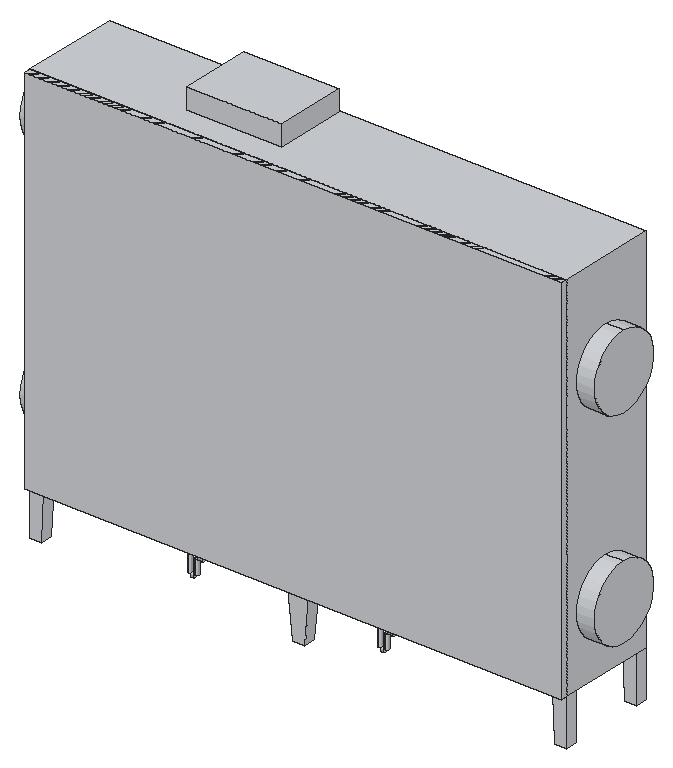
Revit family "AHU 4 _4", category Mechanické zařízení, Revit 2018
Family settings
  Kóta kulaté spojky = Použít průměr
  Typ dílu = Normální
  Číslo OmniClass = 23.75.00.00
  Nadpis OmniClass = Climate Control (HVAC)
  Založené na pracovní rovině = Ne
  Vždy vertikální = Ano
  Ořezat dutým tvarem při načtení = Ne
  Sdílené = Ne
  Bod výpočtu místnosti = Ne
Parameters (values of type "DUPLEXVENT 1500 Multi Eco")
  Width [instance] = 0.455 mm
  Weight [instance] = 268.00 kg
  URL = ""
  Type [instance] = "DUPLEXVENT 1500 Multi Eco"
  Total_SFP [instance] = 0
  Supply_outlet_hum [instance] = 90
  Supply_inlet_hum [instance] = 90
  Supply_ext_pressure [instance] = 0.0 Pa
  Supply_SFP [instance] = 0
  Source_adu_file [instance] = ""
  Recuperation_type [instance] = "Plate heat recovery exchanger"
  Recuperation_efficiency_EN308 [instance] = 0
  Project_name [instance] = ""
  Project_date [instance] = "10.8.2023"
  Power_supply_fusing [instance] = "0"
  Power_supply_cable [instance] = "0"
  Position [instance] = "AHU 4 "
  Phases_count [instance] = 1
  Panel_thickness [instance] = 0.06 mm
  Outer_surface [instance] = "RAL 9002"
  Length [instance] = 2.3 mm
  Insulation_type [instance] = "PUR"
  Insulation_thickness [instance] = 0.05 mm
  Installation_environment [instance] = ""
  Input_power_max [instance] = 1560 W
  Inner_surface [instance] = "Pozink"
  I2 [instance] = I1  # 0.0 L/s
  Height [instance] = 1.6 mm
  Exhaust_outlet_hum [instance] = 40
  Exhaust_inlet_hum [instance] = 40
  Exhaust_ext_pressure [instance] = 0.0 Pa
  Exhaust_SFP [instance] = 0
  E1 [instance] = E2 - M1  # 0.0 L/s
  E2 [instance] = 0.0 L/s
  I1 [instance] = 0.0 L/s
  Description = ""
  M1 [instance] = 0.0 L/s
  Device_dutypoint_version [instance] = "0"
  Device_design_version [instance] = "9"
  Device_adu_id [instance] = "4"
  Current_max [instance] = 7.8 A
  Casing_mat [instance] = "painted zinc layer"
  Cable type [instance] = "CYKY 3Jx2,5"
Reference planes
  plane 1 "Střed (vpředu/vzadu)": y = 0
  plane 2 "ref": z = 0
  plane 3 "Střed (vlevo/vpravo)": x = 0
Forms (mm)
  Sweep 1, solid
    path origin (0, 0, 0) x (0, 0, 1) y (1, 0, 0)
      loop
        line (0, 0) -> (1600, 0)
    profile origin (0, 0, 0) x (1, 0, 0) y (0, 1, 0)
      loop
        line (0, 0) -> (2300, 0) -> (2300, 425) -> (0, 425) -> (0, 0)
  Sweep 2, solid
    path origin (0, 0, 0) x (0, 0, 1) y (1, 0, 0)
      loop
        line (0, 0) -> (1600, 0)
    profile origin (0, 0, 0) x (1, 0, 0) y (0, 1, 0)
      loop
        line (0, 0) -> (0, -30) -> (2300, -30) -> (2300, 0) -> (0, 0)
  Sweep 3, solid
    path origin (0, 205, 300) x (0, 0, -1) y (1, 0, 0)
      loop
        line (0, 0) -> (0, -80)
    profile origin (0, 205, 300) x (0, 0, -1) y (0, -1, 0)
      loop
        circle (0, 0) r 158
  Sweep 4, solid
    path origin (2300, 205, 1185) x (0, 0, -1) y (1, 0, 0)
      loop
        line (0, 0) -> (0, 80)
    profile origin (2300, 205, 1185) x (0, 0, 1) y (0, -1, 0)
      loop
        circle (0, 0) r 158
  Sweep 5, solid
    path origin (2300, 205, 300) x (0, 0, -1) y (1, 0, 0)
      loop
        line (0, 0) -> (0, 80)
    profile origin (2300, 205, 300) x (0, 0, 1) y (0, -1, 0)
      loop
        circle (0, 0) r 158
  Sweep 6, solid
    path origin (0, 205, 1370) x (0, 0, -1) y (1, 0, 0)
      loop
        line (0, 0) -> (0, -80)
    profile origin (0, 205, 1370) x (0, 0, -1) y (0, -1, 0)
      loop
        circle (0, 0) r 158
  Sweep 7, solid
    path origin (1440, 75, 0) x (0, -1, 0) y (0, 0, 1)
      loop
        line (0, 0) -> (0, -142)
    profile origin (1440, 75, 0) x (-1, 0, 0) y (0, -1, 0)
      loop
        circle (0, 0) r 8
  Sweep 8, solid
    path origin (1448, 75, -150) x (0, 0, -1) y (1, 0, 0)
      loop
        line (0, 0) -> (0, 14)
    profile origin (1448, 75, -150) x (0, 0, 1) y (0, -1, 0)
      loop
        circle (0, 0) r 8
  Sweep 9, solid
    path origin (1470, 75, -142) x (0, -1, 0) y (0, 0, 1)
      loop
        line (0, 0) -> (0, 59)
    profile origin (1470, 75, -142) x (0, 1, 0) y (-1, 0, 0)
      loop
        circle (0, 0) r 8
  Sweep 10, solid
    path origin (1478, 75, -75) x (0, 0, -1) y (1, 0, 0)
      loop
        line (0, 0) -> (0, 22)
    profile origin (1478, 75, -75) x (0, 0, 1) y (0, -1, 0)
      loop
        circle (0, 0) r 8
  Sweep 11, solid
    path origin (625, 75, 0) x (0, -1, 0) y (0, 0, 1)
      loop
        line (0, 0) -> (0, -142)
    profile origin (625, 75, 0) x (-1, 0, 0) y (0, -1, 0)
      loop
        circle (0, 0) r 8
  Sweep 12, solid
    path origin (633, 75, -150) x (0, 0, -1) y (1, 0, 0)
      loop
        line (0, 0) -> (0, 14)
    profile origin (633, 75, -150) x (0, 0, 1) y (0, -1, 0)
      loop
        circle (0, 0) r 8
  Sweep 13, solid
    path origin (655, 75, -142) x (0, -1, 0) y (0, 0, 1)
      loop
        line (0, 0) -> (0, 59)
    profile origin (655, 75, -142) x (0, 1, 0) y (-1, 0, 0)
      loop
        circle (0, 0) r 8
  Sweep 14, solid
    path origin (663, 75, -75) x (0, 0, -1) y (1, 0, 0)
      loop
        line (0, 0) -> (0, 22)
    profile origin (663, 75, -75) x (0, 0, 1) y (0, -1, 0)
      loop
        circle (0, 0) r 8
  Sweep 15, solid
    path origin (0, 0, 0) x (0, 0, 1) y (1, 0, 0)
      loop
        line (0, 0) -> (1600, 0)
    profile origin (0, 0, 0) x (1, 0, 0) y (0, 1, 0)
      loop
        line (0, -30) -> (2300, -30) -> (2300, -5) -> (0, -5) -> (0, -30)
  Sweep 16, solid
    path origin (25, 50, 0) x (1, 0, 0) y (0, 1, 0)
      loop
        line (0, 0) -> (0, -50)
    profile origin (25, 50, 0) x (1, 0, 0) y (0, 0, 1)
      loop
        line (-25, 0) -> (-25, -200) -> (25, -200) -> (35, 0) -> (-25, 0)
  Sweep 17, solid
    path origin (2275, 50, 0) x (1, 0, 0) y (0, 1, 0)
      loop
        line (0, 0) -> (0, -50)
    profile origin (2275, 50, 0) x (1, 0, 0) y (0, 0, 1)
      loop
        line (-35, 0) -> (-25, -200) -> (25, -200) -> (25, 0) -> (-35, 0)
  Sweep 18, solid
    path origin (25, 425, 0) x (1, 0, 0) y (0, 1, 0)
      loop
        line (0, 0) -> (0, -50)
    profile origin (25, 425, 0) x (1, 0, 0) y (0, 0, 1)
      loop
        line (-25, 0) -> (-25, -200) -> (25, -200) -> (35, 0) -> (-25, 0)
  Sweep 19, solid
    path origin (2275, 425, 0) x (1, 0, 0) y (0, 1, 0)
      loop
        line (0, 0) -> (0, -50)
    profile origin (2275, 425, 0) x (1, 0, 0) y (0, 0, 1)
      loop
        line (-35, 0) -> (-25, -200) -> (25, -200) -> (25, 0) -> (-35, 0)
  Sweep 20, solid
    path origin (1150, 50, 0) x (1, 0, 0) y (0, 1, 0)
      loop
        line (0, 0) -> (0, -50)
    profile origin (1150, 50, 0) x (1, 0, 0) y (0, 0, 1)
      loop
        line (-45, 0) -> (-25, -200) -> (25, -200) -> (45, 0) -> (-45, 0)
  Sweep 21, solid
    path origin (1150, 425, 0) x (1, 0, 0) y (0, 1, 0)
      loop
        line (0, 0) -> (0, -50)
    profile origin (1150, 425, 0) x (1, 0, 0) y (0, 0, 1)
      loop
        line (-45, 0) -> (-25, -200) -> (25, -200) -> (45, 0) -> (-45, 0)
  Sweep 22, solid
    path origin (0, 0, 1600) x (0, 0, 1) y (1, 0, 0)
      loop
        line (0, 0) -> (90, 0)
    profile origin (0, 0, 1600) x (1, 0, 0) y (0, 1, 0)
      loop
        line (585, 110) -> (990, 110) -> (990, 415) -> (585, 415) -> (585, 110)
  Sweep 23, solid
    path origin (585, 263, 1645) x (0, 0, -1) y (1, 0, 0)
      loop
        line (0, 0) -> (0, -1)
    profile origin (585, 263, 1645) x (0, 0, -1) y (0, -1, 0)
      loop
        circle (0, 0) r 10
Lines and regions (mm)
  model lines, style "Symbol"
    curve 1: line (943, -30, 0) -> (943, -30, 320)
    curve 2: line (943, -30, 1600) -> (943, -30, 1280)
    curve 3: line (0, -30, 800) -> (463, -30, 800)
    curve 4: line (2300, -30, 800) -> (1423, -30, 800)
    curve 5: line (463, -30, 800) -> (703, -30, 1280)
    curve 6: line (703, -30, 1280) -> (1183, -30, 1280)
    curve 7: line (1183, -30, 1280) -> (1423, -30, 800)
    curve 8: line (1423, -30, 800) -> (1183, -30, 320)
    curve 9: line (1183, -30, 320) -> (943, -30, 320)
    curve 10: line (943, -30, 320) -> (703, -30, 320)
    curve 11: line (703, -30, 320) -> (463, -30, 800)
    curve 12: line (1948, -30, 1314) -> (2204, -30, 1270)
    curve 13: line (1948, -30, 1086) -> (2204, -30, 1130)
    curve 14: line (352, -30, 1086) -> (96, -30, 1130)
    curve 15: line (352, -30, 1314) -> (96, -30, 1270)
    curve 16: line (46, -30, 160) -> (46, -30, 640)
    curve 17: line (46, -30, 640) -> (184, -30, 640)
    curve 18: line (184, -30, 640) -> (184, -30, 160)
    curve 19: line (184, -30, 160) -> (46, -30, 160)
    curve 20: line (115, -30, 160) -> (184, -30, 400)
    curve 21: line (115, -30, 640) -> (184, -30, 400)
    curve 22: line (2254, -30, 640) -> (2254, -30, 160)
    curve 23: line (2254, -30, 160) -> (2116, -30, 160)
    curve 24: line (2116, -30, 160) -> (2116, -30, 640)
    curve 25: line (2116, -30, 640) -> (2254, -30, 640)
    curve 26: line (2185, -30, 640) -> (2116, -30, 400)
    curve 27: line (2185, -30, 160) -> (2116, -30, 400)
    curve 28: line (616, -30, 280) -> (398, -30, 708)
    curve 29: line (398, -30, 708) -> (470, -30, 744)
    curve 30: line (470, -30, 744) -> (688, -30, 316)
    curve 31: line (688, -30, 316) -> (616, -30, 280)
    curve 32: line (485, -30, 554) -> (513, -30, 641)
    curve 33: line (573, -30, 383) -> (601, -30, 470)
    curve 34: line (0, -1230, 0) -> (0, -30, 0)
    curve 35: line (2300, -1230, 0) -> (2300, -30, 0)
    curve 36: line (0, -1230, 0) -> (2300, -1230, 0)
    curve 37: line (0, -1230, 1600) -> (0, -30, 1600)
    curve 38: line (2300, -1230, 1600) -> (2300, -30, 1600)
    curve 39: line (0, -1230, 1600) -> (2300, -1230, 1600)
    curve 40: line (0, -1230, 0) -> (0, -1230, 1600)
    curve 41: line (2300, -1230, 0) -> (2300, -1230, 1600)
    curve 42: line (0, -1230, 1400) -> (200, -1230, 1600)
    curve 43: line (0, -1230, 1200) -> (400, -1230, 1600)
    curve 44: line (0, -1230, 1000) -> (600, -1230, 1600)
    curve 45: line (0, -1230, 800) -> (800, -1230, 1600)
    curve 46: line (0, -1230, 600) -> (1000, -1230, 1600)
    curve 47: line (0, -1230, 400) -> (1200, -1230, 1600)
    curve 48: line (0, -1230, 200) -> (1400, -1230, 1600)
    curve 49: line (0, -1230, 0) -> (1600, -1230, 1600)
    curve 50: line (200, -1230, 0) -> (1800, -1230, 1600)
    curve 51: line (400, -1230, 0) -> (2000, -1230, 1600)
    curve 52: line (600, -1230, 0) -> (2200, -1230, 1600)
    curve 53: line (800, -1230, 0) -> (2300, -1230, 1500)
    curve 54: line (1000, -1230, 0) -> (2300, -1230, 1300)
    curve 55: line (1200, -1230, 0) -> (2300, -1230, 1100)
    curve 56: line (1400, -1230, 0) -> (2300, -1230, 900)
    curve 57: line (1600, -1230, 0) -> (2300, -1230, 700)
    curve 58: line (1800, -1230, 0) -> (2300, -1230, 500)
    curve 59: line (2000, -1230, 0) -> (2300, -1230, 300)
    curve 60: line (2200, -1230, 0) -> (2300, -1230, 100)
    curve 61: line (2300, -1230, 1400) -> (2300, -1030, 1600)
    curve 62: line (2300, -1230, 1200) -> (2300, -830, 1600)
    curve 63: line (2300, -1230, 1000) -> (2300, -630, 1600)
    curve 64: line (2300, -1230, 800) -> (2300, -430, 1600)
    curve 65: line (2300, -1230, 600) -> (2300, -230, 1600)
    curve 66: line (2300, -1230, 400) -> (2300, -30, 1600)
    curve 67: line (2300, -1230, 200) -> (2300, -30, 1400)
    curve 68: line (2300, -1230, 0) -> (2300, -30, 1200)
    curve 69: line (2300, -1030, 0) -> (2300, -30, 1000)
    curve 70: line (2300, -830, 0) -> (2300, -30, 800)
    curve 71: line (2300, -630, 0) -> (2300, -30, 600)
    curve 72: line (2300, -430, 0) -> (2300, -30, 400)
    curve 73: line (2300, -230, 0) -> (2300, -30, 200)
    curve 74: line (0, -1030, 1600) -> (200, -1230, 1600)
    curve 75: line (0, -830, 1600) -> (400, -1230, 1600)
    curve 76: line (0, -630, 1600) -> (600, -1230, 1600)
    curve 77: line (0, -430, 1600) -> (800, -1230, 1600)
    curve 78: line (0, -230, 1600) -> (1000, -1230, 1600)
    curve 79: line (0, -30, 1600) -> (1200, -1230, 1600)
    curve 80: line (200, -30, 1600) -> (1400, -1230, 1600)
    curve 81: line (400, -30, 1600) -> (1600, -1230, 1600)
    curve 82: line (600, -30, 1600) -> (1800, -1230, 1600)
    curve 83: line (800, -30, 1600) -> (2000, -1230, 1600)
    curve 84: line (1000, -30, 1600) -> (2200, -1230, 1600)
    curve 85: line (1200, -30, 1600) -> (2300, -1130, 1600)
    curve 86: line (1400, -30, 1600) -> (2300, -930, 1600)
    curve 87: line (1600, -30, 1600) -> (2300, -730, 1600)
    curve 88: line (1800, -30, 1600) -> (2300, -530, 1600)
    curve 89: line (2000, -30, 1600) -> (2300, -330, 1600)
    curve 90: line (2200, -30, 1600) -> (2300, -130, 1600)
    curve 91: line (0, 0, 2320) -> (0, 0, 1600)
    curve 92: line (2300, 0, 2320) -> (2300, 0, 1600)
    curve 93: line (0, 0, 2320) -> (2300, 0, 2320)
    curve 94: line (0, 425, 2320) -> (0, 425, 1600)
    curve 95: line (2300, 425, 2320) -> (2300, 425, 1600)
    curve 96: line (0, 425, 2320) -> (2300, 425, 2320)
    curve 97: line (0, 0, 2320) -> (0, 425, 2320)
    curve 98: line (2300, 0, 2320) -> (2300, 425, 2320)
    curve 99: line (0, 225, 2320) -> (200, 425, 2320)
    curve 100: line (0, 25, 2320) -> (400, 425, 2320)
    curve 101: line (175, 0, 2320) -> (600, 425, 2320)
    curve 102: line (375, 0, 2320) -> (800, 425, 2320)
    curve 103: line (575, 0, 2320) -> (1000, 425, 2320)
    curve 104: line (775, 0, 2320) -> (1200, 425, 2320)
    curve 105: line (975, 0, 2320) -> (1400, 425, 2320)
    curve 106: line (1175, 0, 2320) -> (1600, 425, 2320)
    curve 107: line (1375, 0, 2320) -> (1800, 425, 2320)
    curve 108: line (1575, 0, 2320) -> (2000, 425, 2320)
    curve 109: line (1775, 0, 2320) -> (2200, 425, 2320)
    curve 110: line (1975, 0, 2320) -> (2300, 325, 2320)
    curve 111: line (2175, 0, 2320) -> (2300, 125, 2320)
    curve 112: line (2300, 225, 2320) -> (2300, 425, 2120)
    curve 113: line (2300, 25, 2320) -> (2300, 425, 1920)
    curve 114: line (2300, 0, 2145) -> (2300, 425, 1720)
    curve 115: line (2300, 0, 1945) -> (2300, 345, 1600)
    curve 116: line (2300, 0, 1745) -> (2300, 145, 1600)
    curve 117: line (0, 425, 2120) -> (200, 425, 2320)
    curve 118: line (0, 425, 1920) -> (400, 425, 2320)
    curve 119: line (0, 425, 1720) -> (600, 425, 2320)
    curve 120: line (80, 425, 1600) -> (800, 425, 2320)
    curve 121: line (280, 425, 1600) -> (1000, 425, 2320)
    curve 122: line (480, 425, 1600) -> (1200, 425, 2320)
    curve 123: line (680, 425, 1600) -> (1400, 425, 2320)
    curve 124: line (880, 425, 1600) -> (1600, 425, 2320)
    curve 125: line (1080, 425, 1600) -> (1800, 425, 2320)
    curve 126: line (1280, 425, 1600) -> (2000, 425, 2320)
    curve 127: line (1480, 425, 1600) -> (2200, 425, 2320)
    curve 128: line (1680, 425, 1600) -> (2300, 425, 2220)
    curve 129: line (1880, 425, 1600) -> (2300, 425, 2020)
    curve 130: line (2080, 425, 1600) -> (2300, 425, 1820)
    curve 131: line (2280, 425, 1600) -> (2300, 425, 1620)
    curve 132: line (0, 425, -200) -> (0, 425, 0)
    curve 133: line (2300, 425, -200) -> (2300, 425, 0)
    curve 134: line (0, 425, -200) -> (2300, 425, -200)
    curve 135: line (0, 0, -200) -> (0, 0, 0)
    curve 136: line (2300, 0, -200) -> (2300, 0, 0)
    curve 137: line (0, 0, -200) -> (2300, 0, -200)
    curve 138: line (0, 425, -200) -> (0, 0, -200)
    curve 139: line (2300, 425, -200) -> (2300, 0, -200)
    curve 140: line (0, 200, -200) -> (200, 0, -200)
    curve 141: line (0, 400, -200) -> (400, 0, -200)
    curve 142: line (175, 425, -200) -> (600, 0, -200)
    curve 143: line (375, 425, -200) -> (800, 0, -200)
    curve 144: line (575, 425, -200) -> (1000, 0, -200)
    curve 145: line (775, 425, -200) -> (1200, 0, -200)
    curve 146: line (975, 425, -200) -> (1400, 0, -200)
    curve 147: line (1175, 425, -200) -> (1600, 0, -200)
    curve 148: line (1375, 425, -200) -> (1800, 0, -200)
    curve 149: line (1575, 425, -200) -> (2000, 0, -200)
    curve 150: line (1775, 425, -200) -> (2200, 0, -200)
    curve 151: line (1975, 425, -200) -> (2300, 100, -200)
    curve 152: line (2175, 425, -200) -> (2300, 300, -200)
    curve 153: line (2300, 200, -200) -> (2300, 0, 0)
    curve 154: line (2300, 400, -200) -> (2300, 200, 0)
    curve 155: line (2300, 425, -25) -> (2300, 400, 0)
    curve 156: line (0, 0, 0) -> (200, 0, -200)
    curve 157: line (200, 0, 0) -> (400, 0, -200)
    curve 158: line (400, 0, 0) -> (600, 0, -200)
    curve 159: line (600, 0, 0) -> (800, 0, -200)
    curve 160: line (800, 0, 0) -> (1000, 0, -200)
    curve 161: line (1000, 0, 0) -> (1200, 0, -200)
    curve 162: line (1200, 0, 0) -> (1400, 0, -200)
    curve 163: line (1400, 0, 0) -> (1600, 0, -200)
    curve 164: line (1600, 0, 0) -> (1800, 0, -200)
    curve 165: line (1800, 0, 0) -> (2000, 0, -200)
    curve 166: line (2000, 0, 0) -> (2200, 0, -200)
    curve 167: line (2200, 0, 0) -> (2300, 0, -100)
    curve 168: line (0, -30, 0) -> (0, -30, 1600)
    curve 169: line (0, -30, 1600) -> (920, -30, 1600)
    curve 170: line (920, -30, 1600) -> (920, -30, 0)
    curve 171: line (920, -30, 0) -> (0, -30, 0)
    curve 172: line (1180, -30, 0) -> (1180, -30, 1600)
    curve 173: line (1180, -30, 1600) -> (2300, -30, 1600)
    curve 174: line (2300, -30, 1600) -> (2300, -30, 0)
    curve 175: line (2300, -30, 0) -> (1180, -30, 0)
    curve 176: line (0, -30, 0) -> (2300, -30, 0)
    curve 177: line (0, -30, 1600) -> (2300, -30, 1600)
    curve 178: line (0, -30, 0) -> (0, -30, 1600)
    curve 179: line (2300, -30, 0) -> (2300, -30, 1600)
    curve 180: line (0, -30, 0) -> (0, -5, 0)
    curve 181: line (2300, -30, 0) -> (2300, -5, 0)
    curve 182: line (0, -30, 1600) -> (0, -5, 1600)
    curve 183: line (2300, -30, 1600) -> (2300, -5, 1600)
    curve 184: circle (2060, -30, 1200) r 160 normal (0, -1, 0)
    curve 185: circle (240, -30, 1200) r 160 normal (0, -1, 0)
    curve 186: circle (499, -30, 598) r 12 normal (0, -1, 0)
    curve 187: circle (587, -30, 426) r 12 normal (0, -1, 0)
    curve 188: circle (1440, 75, 0) r 8 normal (0, 0, -1)
    curve 189: circle (1440, 75, -142) r 8 normal (0, 0, -1)
    curve 190: circle (625, 75, 0) r 8 normal (0, 0, -1)
    curve 191: circle (625, 75, -142) r 8 normal (0, 0, -1)
Dimensions and locks
  aligned and locked: level to plane 2 "ref"
Connectors
  hvac at (-80, 205, 300), driven by "E1"
    settings: on Sweep 3, index 1, duct flow 0.0 L/s, flow factor 0, pres drop 0.0 Pa, loss coef 0, conn angle 0.00°, conn width 304.8 mm, conn height 304.8 mm, conn diameter 315 mm, duct sys type 1, conn prof type 0, flow config 1, flow direction 1, loss method 0, conn ref index -1, conn util no, is conn primary yes, conn desc ""
  hvac at (2380, 205, 1185), driven by "E2"
    settings: on Sweep 4, index 2, duct flow 0.0 L/s, flow factor 1, pres drop 0.0 Pa, loss coef 0, conn angle 0.00°, conn width 304.8 mm, conn height 304.8 mm, conn diameter 315 mm, duct sys type 1, conn prof type 0, flow config 2, flow direction 2, loss method 0, conn ref index -1, conn util no, is conn primary no, conn desc ""
  hvac at (2380, 205, 300), driven by "I1"
    settings: on Sweep 5, index 3, duct flow 0.0 L/s, flow factor 1, pres drop 0.0 Pa, loss coef 0, conn angle 0.00°, conn width 304.8 mm, conn height 304.8 mm, conn diameter 315 mm, duct sys type 3, conn prof type 0, flow config 2, flow direction 1, loss method 0, conn ref index -1, conn util no, is conn primary no, conn desc ""
  hvac at (-80, 205, 1370), driven by "I2"
    settings: on Sweep 6, index 4, duct flow 0.0 L/s, flow factor 0, pres drop 0.0 Pa, loss coef 0, conn angle 0.00°, conn width 304.8 mm, conn height 304.8 mm, conn diameter 315 mm, duct sys type 3, conn prof type 0, flow config 1, flow direction 2, loss method 0, conn ref index -1, conn util no, is conn primary no, conn desc ""
  piping at (1500, 75, -75), diameter 40
    settings: on Sweep 10, index 5, connector inside diameter 609.6 mm, connector length 0 mm, flow factor 0, pipe flow 0.0 L/s, pressure drop 0.0 Pa, fitting loss kfactor 0, connector angle 0.00°, fixture units 0, engagement length 0 mm, angle of deflection 0.00°, flow configuration 1, flow direction 2, fitting loss method 0, system type 16, joint type 0, gender type 0, connector reference index -1, connector utility 0, adjustable connector no, is connector primary yes, connector description ""
  piping at (685, 75, -75), diameter 40
    settings: on Sweep 14, index 6, connector inside diameter 609.6 mm, connector length 0 mm, flow factor 0, pipe flow 0.0 L/s, pressure drop 0.0 Pa, fitting loss kfactor 0, connector angle 0.00°, fixture units 0, engagement length 0 mm, angle of deflection 0.00°, flow configuration 1, flow direction 2, fitting loss method 0, system type 16, joint type 0, gender type 0, connector reference index -1, connector utility 0, adjustable connector no, is connector primary no, connector description ""
  electrical at (584, 263, 1645)
    settings: on Sweep 23, index 7, voltage 230 V, apparent load 0 VA, apparent load phase1 0 VA, apparent load phase2 0 VA, apparent load phase3 0 VA, power factor 1, load classification "Další", number of poles 1, system type 31, power factor state 1, is connector primary yes, connector utility no, sub classification motor no, connector description ""
